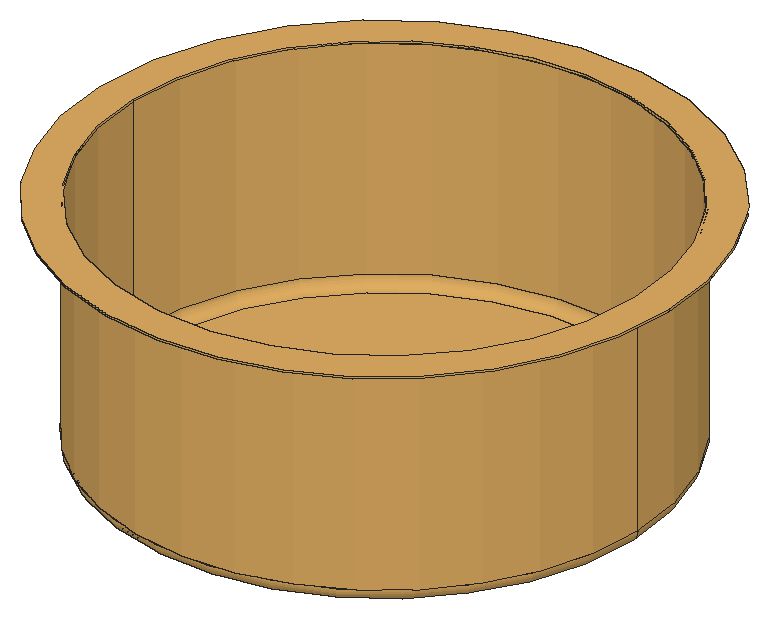
Revit family "ALMA-SNCTDG36-Stella_Round_Sink-Dark_Brushed_Gold", category Plumbing Equipment, host Face, Revit 2026
Family settings
  Host = Face
  Round Connector Dimension = Use Diameter
  Classification = None
  Part Type = Normal
  Cut with Voids When Loaded = Yes
  Maintain Annotation Orientation = No
  Shared = No
  Room Calculation Point = No
Parameters
  Width = 450 mm
  Undermount [instance] = 0 mm
  Material = BUILDMAT Dark Brass Gold
  Depth = 183 mm
  Default Elevation = 1219.2 mm
Reference planes
  plane 1 "Center (Front/Back)": y = 0
  plane 2: z = 0
  plane 3 "Center (Left/Right)": x = 0
  plane 4: x = -225
  plane 5: x = 225
  plane 6: y = 225
  plane 7: y = -225
  plane 8: x = -199
  plane 9: x = 199
  plane 10: y = 199
  plane 11: y = -199
  plane 12: x = -57
  plane 13: x = 57
  plane 14: x = -45
  plane 15: x = 45
  plane 16: y = -57
  plane 17: y = -46.5
  plane 18: y = 46.5
  plane 19: y = 57
  plane 20: z = -181.5
  plane 21 "Sink Rim Top": z = 1.5
  plane 22 "Sink Body Top": z = 0
  plane 23: z = -193.548
Forms (mm)
  Extrusion 1, void
    sketch origin (-225, -4572, 0) x (-1, 0, 0) y (0, -1, 0)
      loop
        circle (-225, -4572) r 200.5
    from -181.5 to 0
  Revolve 2, solid, material "BUILDMAT Dark Brass Gold" <- "Material"
    sketch origin (0, 0, -20) x (1, 0, 0) y (0, 0, 1)
      loop
        line (-199, 20) -> (-200.5, 20) -> (-200.5, -143.548)
        arc (-200.5, -143.548) -> (-197.571, -150.62) -> (-190.5, -153.548) r 10
        line (-190.5, -153.548) -> (-57, -153.548) -> (-57, -152.048) -> (-190.5, -152.048)
        arc (-190.5, -152.048) -> (-196.51, -149.559) -> (-199, -143.548) r 8.5
        line (-199, -143.548) -> (-199, 20)
      axis (0, -153.548) -> (0, 20)
    angle from 0 to 360
  Sweep 3, solid, material "BUILDMAT Dark Brass Gold" <- "Material"
    path in 3D
      loop
        arc (57, 0, -172.048) -> (0, 57, -172.048) -> (-57, 0, -172.048) r 57
        arc (-57, 0, -172.048) -> (0, -57, -172.048) -> (57, 0, -172.048) r 57
    profile origin (0, -57, -172.048) x (0, 1, 0) y (0, 0, 1)
      loop
        line (-1.5, 0) -> (-1.5, -1.953)
        arc (-1.5, -1.953) -> (0.696, -7.255) -> (5.998, -9.452) r 7.498
        line (5.998, -9.452) -> (10.5, -9.452) -> (10.5, -7.952) -> (5.998, -7.952)
        arc (5.998, -7.952) -> (1.757, -6.195) -> (0, -1.953) r 5.998
        line (0, -1.953) -> (0, 0) -> (-1.5, 0)
  Extrusion 4, solid, material "BUILDMAT Dark Brass Gold" <- "Material"
    sketch origin (-225, -4572, 1.5) x (-1, 0, 0) y (0, -1, 0)
      loop
        circle (-225, -4572) r 225
      loop
        circle (-225, -4572) r 199
    from -1.5 to 0
  Extrusion 5, void
    sketch origin (-45, -4572, -193.548) x (0, -1, 0) y (-1, 0, 0)
      loop
        circle (-4572, -45) r 199
    from -193.548 to 0
Cuts and joins
  Extrusion 5 cuts Extrusion 4
Lines and regions (mm)
  sketch lines
    curve 1: arc (-57, 0, -172.048) -> (0, -57, -172.048) -> (57, 0, -172.048) r 57
    curve 2: arc (57, 0, -172.048) -> (0, 57, -172.048) -> (-57, 0, -172.048) r 57
Text (mm)
  text "Refer to www.buildmat.com.au for the most current product literature. \nAllow a +/- 5mm tolerance for dimensions shown in the product literature. \nPlease note product details are subject to change due to ongoing product development." at (0.056, -1035.857, 0), in view "Ref. Level"
Dimensions and locks
  plane 10 to plane 11 = 398 mm
  "Width": plane 6 to plane 7
  "Width": plane 4 to plane 5
  plane 8 to plane 9 = 398 mm
  plane 12 to plane 13 = 114 mm
  plane 14 to plane 15 = 90 mm
  equal spacing: plane 6, plane 1 "Center (Front/Back)", plane 7
  equal spacing: plane 4, plane 3 "Center (Left/Right)", plane 5
  equal spacing: plane 10, plane 1 "Center (Front/Back)", plane 11
  equal spacing: plane 8, plane 3 "Center (Left/Right)", plane 9
  "Undermount": host face to plane 22 "Sink Body Top"
  "Depth": plane 21 "Sink Rim Top" to plane 20
  plane 21 "Sink Rim Top" to plane 22 "Sink Body Top" = 1.5 mm
  plane 22 "Sink Body Top" to plane 20 = 181.5 mm
  aligned and locked: plane 2 to host face
  aligned and locked: level to host face
  aligned and locked: Revolve 2 to plane 22 "Sink Body Top"
Automatic sketch dimensions
  host sketch curve to host sketch curve = 2438.4 mm  (x2)
  Revolve 2 sketch curve to Revolve 2 sketch curve = 0 mm  (x2)
  Revolve 2 sketch curve to plane 8 = 0 mm
  plane 12 to Revolve 2 sketch curve = 0 mm
  Revolve 2 sketch curve to plane 3 "Center (Left/Right)" = 0 mm
  Revolve 2 sketch curve to plane 8 = 1.5 mm
  Revolve 2 sketch curve to Revolve 2 sketch curve = 8.5 mm
  plane 20 to Revolve 2 sketch curve = 17.952 mm
  plane 20 to Revolve 2 sketch curve = 7.952 mm
  Sweep 3 sketch curve to Sweep 3 sketch curve = 0 mm  (x2)
  Sweep 3 sketch curve to profile plane = 0 mm  (x2)
  Sweep 3 sketch curve to Sweep 3 sketch curve = 1.5 mm
  Sweep 3 sketch curve to profile plane = 5.998 mm
  Sweep 3 sketch curve to Sweep 3 sketch curve = 4.502 mm
  Sweep 3 sketch curve to profile plane = 1.953 mm
  Revolve 2 sketch curve to level = 0 mm
  Revolve 2 sketch curve to level = 18.5 mm
  Extrusion 4 sketch curve to Extrusion 4 sketch curve = 0 mm  (x2)
  plane 1 "Center (Front/Back)" to Extrusion 4 sketch curve = 0 mm
  Extrusion 4 sketch curve to plane 3 "Center (Left/Right)" = 0 mm
  plane 1 "Center (Front/Back)" to Extrusion 5 sketch curve = 0 mm
  Extrusion 5 sketch curve to plane 3 "Center (Left/Right)" = 0 mm
  radius of Extrusion 4 sketch curve = 225 mm
  radius of Extrusion 4 sketch curve = 199 mm
  radius of Extrusion 4 to Extrusion 1 sketch curve = 1.5 mm
  radius of Extrusion 5 sketch curve = 199 mm
